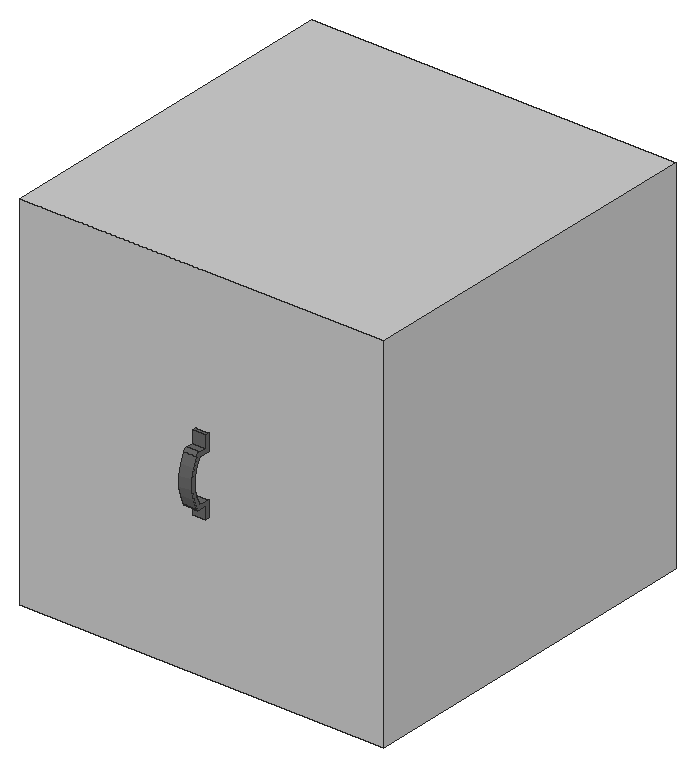
Revit family "VENTS-VS", category Mechanical Equipment, Revit 2019
Family settings
  Round Connector Dimension = Use Diameter
  Classification = None
  Part Type = Breaks Into
  OmniClass Number = 23.75.35.17.11
  OmniClass Title = Fans for Air Ductwork
  Work Plane-Based = No
  Always vertical = Yes
  Cut with Voids When Loaded = No
  Shared = No
  Room Calculation Point = No
Parameters (values of type "VS 400 4E (50Hz)")
  gsD = A / 2  # 345 mm
  eL = 75 mm  # constant formula
  eH = 75 mm  # constant formula
  conA = A / 2  # 345 mm
  Weight = 39.00 kg
  Voltage = 230 V
  URL = "https://ventilation-system.com/product/vs-4004e"
  Type Comments = "Inline centrifugal fan VS 400 4E"
  Transported Air Temperature (°C) = "-40...+80"
  Standard Service Side [instance] = yes
  RPM (min-1) = 1370
  Protection rating = "IPX4"
  Power Factor = 1
  Power = 480 W
  Plastic Material = Polypropylene Black
  Perpendicularly Air Flow [instance] = not(Directly Air Flow)  # no
  Number of Poles = 1
  Not Standard Service Side [instance] = not(Standard Service Side)  # no
  Noise Level at 3 m (dBa) = 51
  Model = "VS 400 4E"
  Maximum Air Flow Perpendicularly = 3750 m³/h
  Maximum Air Flow Directly = 3535 m³/h
  Manufacturer = "Vents"
  Maintenance Zone Standard [instance] = if(Maintenance Zone, if(Standard Service Side, 1 = 1, 1 = 0), 1 = 0)  # no
  Maintenance Zone NotStandard [instance] = if(Maintenance Zone, if(Standard Service Side, 1 = 0, 1 = 1), 1 = 0)  # no
  Maintenance Zone Material = Maintenance Zone
  Maintenance Zone Depth = 690 mm
  Maintenance Zone [instance] = no
  Load Classification = HVAC
  Flow direction symbol [instance] = yes
  Flow Factor [instance] = 1  # constant formula
  Family Version = "1.0"  # constant formula
  Directly Air Flow [instance] = yes
  Din = A / 2  # 345 mm
  Description = "Inline centrifugal fan in sound insulated casing"
  Current = 2.4 A
  Copyright = "©Vents"
  Connection H = 615 mm
  Connection W = 615 mm
  Casing Material = Fan Zinc
  AngElCon [instance] = if(Standard Service Side, 0.00°, 180.00°)  # 0.00°
  AngDuctCon [instance] = if(Directly Air Flow, 90.00°, 180.00°)  # 90.00°
  A = 690 mm
  Apparent Power = Power / Power Factor  # 480 VA
  Air Flow [instance] = 0 m³/h
Types (19, lengths in mm): name | gsD | conA | Weight | Voltage | URL | Type Comments | Transported Air Temperature (°C) | RPM (min-1) | Power | Number of Poles | Noise Level at 3 m (dBa) | Model | Maximum Air Flow Perpendicularly | Maximum Air Flow Directly | Maintenance Zone Depth | Din | Current | Connection H | Connection W | A | Apparent Power
  VS 355 4E (50Hz) | 260 | 260 | 25.00 kg | 230 V | "https://ventilation-system.com/product/vs-3554e" | "Inline centrifugal fan VS 355 4E" | "-25...+50" | 1420 | 245 W | 1 | 54 | "VS 355 4E" | 2890 m³/h | 2650 m³/h | 520 | 260 | 1.12 A | 445 | 445 | 520 | 245 VA
  VS 355 4D (Star 50Hz) | 260 | 260 | 25.00 kg | 400 V | "https://ventilation-system.com/product/vs-3554d" | "Inline centrifugal fan VS 355 4D" | "-25...+70" | 1400 | 230 W | 3 | 53 | "VS 355 4D" | 2660 m³/h | 2380 m³/h | 520 | 260 | 0.52 A | 445 | 445 | 520 | 230 VA
  VS 355 4D (Star 60Hz) | 260 | 260 | 25.00 kg | 400 V | "https://ventilation-system.com/product/vs-3554d" | "Inline centrifugal fan VS 355 4D" | "-25...+65" | 1600 | 235 W | 3 | 55 | "VS 355 4D" | 2815 m³/h | 2580 m³/h | 520 | 260 | 0.53 A | 445 | 445 | 520 | 235 VA
  VS 400 4E (50Hz) | 345 | 345 | 39.00 kg | 230 V | "https://ventilation-system.com/product/vs-4004e" | "Inline centrifugal fan VS 400 4E" | "-40...+80" | 1370 | 480 W | 1 | 51 | "VS 400 4E" | 3750 m³/h | 3535 m³/h | 690 | 345 | 2.4 A | 615 | 615 | 690 | 480 VA
  VS 400 4E (60Hz) | 345 | 345 | 39.00 kg | 230 V | "https://ventilation-system.com/product/vs-4004e" | "Inline centrifugal fan VS 400 4E" | "-40...+55" | 1460 | 700 W | 1 | 52 | "VS 400 4E" | 4310 m³/h | 4015 m³/h | 690 | 345 | 3.15 A | 615 | 615 | 690 | 700 VA
  VS 400 4D (Delta 50Hz) | 345 | 345 | 39.00 kg | 400 V | "https://ventilation-system.com/product/vs-4004d-delta" | "Inline centrifugal fan VS 400 4D (Delta)" | "-40...+60" | 1415 | 515 W | 3 | 51 | "VS 400 4D (Delta)" | 3950 m³/h | 3740 m³/h | 690 | 345 | 1.41 A | 615 | 615 | 690 | 515 VA
  VS 400 4D (Delta 60Hz) | 345 | 345 | 39.00 kg | 400 V | "https://ventilation-system.com/product/vs-4004d-delta" | "Inline centrifugal fan VS 400 4D (Delta)" | "-40...+60" | 1610 | 750 W | 3 | 53 | "VS 400 4D (Delta)" | 4310 m³/h | 4055 m³/h | 690 | 345 | 1.44 A | 615 | 615 | 690 | 750 VA
  VS 400 4D (Star 50Hz) | 345 | 345 | 39.00 kg | 400 V | "https://ventilation-system.com/product/vs-4004d-y" | "Inline centrifugal fan VS 400 4D (Star)" | "-40...+80" | 1235 | 385 W | 3 | 47 | "VS 400 4D (Star)" | 3340 m³/h | 3110 m³/h | 690 | 345 | 0.7 A | 615 | 615 | 690 | 385 VA
  VS 400 4D (Star 60Hz) | 345 | 345 | 39.00 kg | 400 V | "https://ventilation-system.com/product/vs-4004d-y" | "Inline centrifugal fan VS 400 4D (Star)" | "-40...+40" | 1220 | 515 W | 3 | 49 | "VS 400 4D (Star)" | 3525 m³/h | 3290 m³/h | 690 | 345 | 0.93 A | 615 | 615 | 690 | 515 VA
  VS 450 4E (50Hz) | 345 | 345 | 43.00 kg | 230 V | "https://ventilation-system.com/product/vs-4504e" | "Inline centrifugal fan VS 450 4E" | "-40...+70" | 1250 | 680 W | 1 | 53 | "VS 450 4E" | 5630 m³/h | 4930 m³/h | 690 | 345 | 3 A | 615 | 615 | 690 | 680 VA
  VS 450 4D (50Hz) | 345 | 345 | 43.00 kg | 400 V | "https://ventilation-system.com/product/vs-4504d" | "Inline centrifugal fan VS 450 4D" | "-40...+80" | 1350 | 740 W | 3 | 54 | "VS 450 4D" | 5700 m³/h | 5080 m³/h | 690 | 345 | 1.5 A | 615 | 615 | 690 | 740 VA
  VS 500 4E (50Hz) | 345 | 345 | 52.00 kg | 230 V | "https://ventilation-system.com/product/vs-5004e" | "Inline centrifugal fan VS 500 4E" | "-20...+50" | 1320 | 1300 W | 1 | 55 | "VS 500 4E" | 7330 m³/h | 6680 m³/h | 690 | 345 | 5.7 A | 615 | 615 | 690 | 1300 VA
  VS 500 4D (50Hz) | 345 | 345 | 56.00 kg | 400 V | "https://ventilation-system.com/product/vs-5004d" | "Inline centrifugal fan VS 500 4D" | "-40...+80" | 1375 | 1430 W | 3 | 58 | "VS 500 4D" | 7940 m³/h | 7200 m³/h | 690 | 345 | 3 A | 615 | 615 | 690 | 1430 VA
  VS 560 4D (50Hz) | 410 | 410 | 99.00 kg | 400 V | "https://ventilation-system.com/product/vs-5604d" | "Inline centrifugal fan VS 560 4D" | "-40...+60" | 1365 | 2380 W | 3 | 56 | "VS 560 4D" | 11340 m³/h | 10490 m³/h | 820 | 410 | 5 A | 745 | 745 | 820 | 2380 VA
  VS 560 6D (50Hz) | 410 | 410 | 86.00 kg | 400 V | "https://ventilation-system.com/product/vs-5606d" | "Inline centrifugal fan VS 560 6D" | "-40...+55" | 885 | 780 W | 3 | 49 | "VS 560 6D" | 7970 m³/h | 7330 m³/h | 820 | 410 | 1.7 A | 745 | 745 | 820 | 780 VA
  VS 630 4D (50Hz) | 410 | 410 | 102.00 kg | 400 V | "https://ventilation-system.com/product/vs-6304d" | "Inline centrifugal fan VS 630 4D" | "-40...+35" | 1170 | 3310 W | 3 | 67 | "VS 630 4D" | 15170 m³/h | 13740 m³/h | 820 | 410 | 6.2 A | 745 | 745 | 820 | 3310 VA
  VS 630 S 4D (50Hz) | 410 | 410 | 100.00 kg | 400 V | "https://ventilation-system.com/product/vs-630s4d" | "Inline centrifugal fan VS 630 S 4D" | "-40...+60" | 1300 | 4250 W | 3 | 69 | "VS 630 S 4D" | 16870 m³/h | 14930 m³/h | 820 | 410 | 7.55 A | 745 | 745 | 820 | 4250 VA
  VS 630 6D (50Hz) | 410 | 410 | 98.00 kg | 400 V | "https://ventilation-system.com/product/vs-6306d" | "Inline centrifugal fan VS 630 6D" | "-40...+60" | 880 | 1310 W | 3 | 55 | "VS 630 6D" | 12030 m³/h | 10440 m³/h | 820 | 410 | 2.8 A | 745 | 745 | 820 | 1310 VA
  VS 710 6D (50Hz) | 510 | 510 | 136.00 kg | 400 V | "https://ventilation-system.com/product/vs-7106d" | "Inline centrifugal fan VS 710 6D" | "-20...+40" | 890 | 2000 W | 3 | 59 | "VS 710 6D" | 15830 m³/h | 14880 m³/h | 1020 | 510 | 3.9 A | 945 | 945 | 1020 | 2000 VA
Reference planes
  plane 1 "Center (Front/Back)": y = 0
  plane 2: z = 0
  plane 3 "Center (Left/Right)": x = 90
  plane 4 "Right": x = 435
  plane 5 "Back": y = 345
  plane 6 "Front": y = -345
  plane 7 "Top": z = 345
  plane 8 "Bottom": z = -345
  plane 9 "Left": x = -255
  plane 10 "ElConL": x = 360
  plane 11 "ElConH": z = -270
Forms (mm)
  Extrusion 1, solid, material "Fan Zinc" <- "Casing Material", detail levels medium+fine
    sketch origin (-699.46, -1524, -345) x (-1, 0, 0) y (0, -1, 0)
      loop
        line (-444.46, -1869) -> (-444.46, -1179) -> (-1134.46, -1179) -> (-1134.46, -1869) -> (-444.46, -1869)
    from 0 to 690
Lines and regions (mm)
  reference lines
    curve 1: line (90, 0, 0) -> (435, 0, 0)
    curve 14: line (360, 0, -270) -> (360, 345, -270)
  model lines, detail levels coarse
    curve 2: line (-255, 345, -345) -> (435, 345, -345)
    curve 3: line (-255, -345, -345) -> (-255, 345, -345)
    curve 4: line (435, -345, -345) -> (-255, -345, -345)
    curve 5: line (435, 345, -345) -> (435, -345, -345)
    curve 6: line (-255, 345, 345) -> (435, 345, 345)
    curve 7: line (-255, -345, 345) -> (-255, 345, 345)
    curve 8: line (435, -345, 345) -> (-255, -345, 345)
    curve 9: line (435, 345, 345) -> (435, -345, 345)
    curve 10: line (-255, 345, 345) -> (-255, 345, -345)
    curve 11: line (435, 345, 345) -> (435, 345, -345)
    curve 12: line (-255, -345, 345) -> (-255, -345, -345)
    curve 13: line (435, -345, 345) -> (435, -345, -345)
Dimensions and locks
  equal spacing: plane 5 "Back", plane 1 "Center (Front/Back)", plane 6 "Front"
  "A": plane 5 "Back" to plane 6 "Front"
  equal spacing: plane 7 "Top", level, plane 8 "Bottom"
  "A": plane 7 "Top" to plane 8 "Bottom"
  equal spacing: plane 9 "Left", plane 3 "Center (Left/Right)", plane 4 "Right"
  "A": plane 9 "Left" to plane 4 "Right"
  "conA": curve 1 to curve 1
  "eH": plane 11 "ElConH" to plane 8 "Bottom"
  "conA": curve 14 to curve 14
  "eL": plane 10 "ElConL" to plane 4 "Right"
  "AngDuctCon": angle plane 3 "Center (Left/Right)" to curve 1
  "AngElCon": angle curve 14 to plane 10 "ElConL"
  aligned and locked: level to plane 2
  aligned and locked: Extrusion 1 sketch curve to plane 5 "Back"
  aligned and locked: plane 9 "Left" to Extrusion 1 sketch curve
  aligned and locked: plane 6 "Front" to Extrusion 1 sketch curve
  aligned and locked: Extrusion 1 sketch curve to plane 4 "Right"
  aligned and locked: plane 7 "Top" to Extrusion 1
  aligned and locked: Extrusion 1 to plane 8 "Bottom"
  aligned and locked: plane 3 "Center (Left/Right)" to curve 1
  aligned and locked: level to curve 1
  aligned and locked: nested 1 to plane 2
  aligned and locked: plane 3 "Center (Left/Right)" to nested 1
  aligned and locked: nested 2 to plane 2
  aligned and locked: plane 3 "Center (Left/Right)" to nested 2
  aligned and locked: plane 3 "Center (Left/Right)" to nested 3
  aligned and locked: plane 2 to nested 3
  aligned and locked: plane 2 to nested 4
  aligned and locked: plane 3 "Center (Left/Right)" to nested 4
  aligned and locked: plane 3 "Center (Left/Right)" to nested 5
  aligned and locked: plane 1 "Center (Front/Back)" to nested 5
  aligned and locked: plane 1 "Center (Front/Back)" to nested 6
  aligned and locked: plane 3 "Center (Left/Right)" to nested 6
  aligned and locked: curve 2 to Extrusion 1
  aligned and locked: curve 3 to nested 4
  aligned and locked: curve 4 to Extrusion 1
  aligned and locked: curve 5 to Extrusion 1
  aligned and locked: curve 6 to curve 2
  aligned and locked: curve 7 to curve 3
  aligned and locked: curve 8 to curve 4
  aligned and locked: curve 9 to curve 5
  aligned and locked: curve 10 to plane 9 "Left"
  aligned and locked: plane 4 "Right" to curve 11
  aligned and locked: curve 12 to plane 9 "Left"
  aligned and locked: curve 13 to plane 4 "Right"
  aligned and locked: nested 7 to plane 2
  aligned and locked: plane 3 "Center (Left/Right)" to nested 7
  aligned and locked: plane 10 "ElConL" to curve 14
  aligned and locked: plane 1 "Center (Front/Back)" to curve 14
  aligned and locked: curve 1 to nested 8
  aligned and locked: nested 9 to plane 1 "Center (Front/Back)"
  aligned and locked: level to nested 9
Automatic sketch dimensions
  curve 10 to plane 8 "Bottom" = 0 mm
  curve 11 to plane 8 "Bottom" = 0 mm
  curve 11 to plane 7 "Top" = 0 mm
  curve 10 to plane 7 "Top" = 0 mm
  curve 12 to plane 8 "Bottom" = 0 mm
  curve 13 to plane 8 "Bottom" = 0 mm
  curve 13 to plane 7 "Top" = 0 mm
  curve 12 to plane 7 "Top" = 0 mm
Nested families
  nested 1: "Handle" at (90, -345, 0) x (0, 0, -1) z (0, -1, 0), visible <- "Standard Service Side", type "Handle", detail levels fine
  nested 2: "Handle" at (90, 345, 0) x (0, 0, -1) z (0, 1, 0), visible <- "Not Standard Service Side", type "Handle", detail levels fine
  nested 3: "MaintenanceZone_Rect" at (90, -345, 0) x (1, 0, 0) z (0, 1, 0), visible <- "Maintenance Zone Standard", type "MaintenanceZone_Rect", detail levels medium+fine
    with Maintenance Zone Width 690 mm, Maintenance Zone Length 690 mm, Maintenance Zone Height 690 mm
  nested 4: "MaintenanceZone_Rect" at (90, 345, 0) x (1, 0, 0) z (0, -1, 0), visible <- "Maintenance Zone NotStandard", type "MaintenanceZone_Rect", detail levels medium+fine
    with Maintenance Zone Width 690 mm, Maintenance Zone Length 690 mm, Maintenance Zone Height 690 mm
  nested 5: "GraphicalSymbol_Fan_2" at (90, 0, 345), type "GraphicalSymbol_Fan_2", detail levels coarse
    with Diameter 345 mm, B 165.6 mm, A 120.75 mm
  nested 6: "GraphicalSymbol_Fun_FlowDirection" at (90, 0, 345), visible <- "Flow direction symbol", type "GraphicalSymbol_Fun_FlowDirection", detail levels medium+fine
  nested 7: "GraphicalSymbol_Fun_FlowDirection" at (90, -345, 0) x (1, 0, 0) z (0, -1, 0), visible <- "Flow direction symbol", type "GraphicalSymbol_Fun_FlowDirection", detail levels medium+fine
  nested 8: "RectConnection" at (435, 0, 0) x (0, -1, 0) z (1, 0, 0), type "RectConnection", detail levels medium+fine
    with B 615 mm, A 615 mm
  nested 9: "RectConnection" at (-255, 0, 0) x (0, 1, 0) z (-1, 0, 0), type "RectConnection", detail levels medium+fine
    with B 615 mm, A 615 mm
Connectors
  hvac at (435, 0, 0), driven by "Connection H", driven by "Connection W", driven by "Air Flow"
    settings: on curve 1, index 1, duct flow 0 m³/h, flow factor 0, pres drop 0.0 Pa, loss coef 0, conn angle 0.00°, conn width 615 mm, conn height 615 mm, conn diameter 609.6 mm, duct sys type 29, conn prof type 1, flow config 0, flow direction 2, loss method 0, conn ref index 2, conn util no, is conn primary no, conn desc ""
  hvac at (-255, 0, 0), driven by "Connection H", driven by "Connection W", driven by "Air Flow"
    settings: on Extrusion 1, index 2, duct flow 0 m³/h, flow factor 0, pres drop 0.0 Pa, loss coef 0, conn angle 0.00°, conn width 615 mm, conn height 615 mm, conn diameter 609.6 mm, duct sys type 29, conn prof type 1, flow config 0, flow direction 1, loss method 0, conn ref index 1, conn util no, is conn primary yes, conn desc ""
  electrical at (360, 345, -270), driven by "Number of Poles", driven by "Load Classification", driven by "Voltage", driven by "Apparent Power", driven by "Flow Factor"
    settings: on curve 14, index 3, voltage 230 V, apparent load 480 VA, apparent load phase1 0 VA, apparent load phase2 0 VA, apparent load phase3 0 VA, power factor 1, load classification "HVAC", number of poles 1, system type 30, power factor state 1, is connector primary yes, connector utility no, sub classification motor no, connector description ""
Definition of nested family "Handle"
  Parameters (values of type "Handle")
    W = 24 mm
    Material = none
    L1 = 98 mm
    L = 145 mm
    H = 40 mm
    Default Elevation = 1219.2 mm
  Reference planes
    plane 1 "Center (Front/Back)": y = 0
    plane 2: z = 0
    plane 3 "Center (Left/Right)": x = 0
    plane 4: x = -72.5
    plane 5: x = 72.5
    plane 6: y = 12
    plane 7 "bottom": y = -12
    plane 8: x = -49
    plane 9: x = 49
    plane 10: z = 40
    plane 11: z = 26
  Forms (mm)
    Extrusion 1, solid, material <- "Material"
      sketch origin (0, 0, 0) x (1, 0, 0) y (0, 0, 1)
        loop
          line (-72.5, 0) -> (-41, 0) -> (-41, 16.533)
          arc (-41, 16.533) -> (-39.762, 20.813) -> (-36.43, 23.771) r 8.016
          arc (-36.43, 23.771) -> (0.006, 32) -> (36.44, 23.766) r 84.75
          arc (36.44, 23.766) -> (39.765, 20.814) -> (41, 16.543) r 8
          line (41, 16.543) -> (41, 0) -> (72.5, 0) -> (72.5, 7.018) -> (49, 7.018) -> (49, 21.445)
          arc (49, 21.445) -> (47.896, 25.489) -> (44.892, 28.412) r 7.962
          arc (44.892, 28.412) -> (0.015, 40) -> (-44.865, 28.427) r 92.75
          arc (-44.865, 28.427) -> (-47.889, 25.486) -> (-49, 21.417) r 8.01
          line (-49, 21.417) -> (-49, 7.018) -> (-72.5, 7.018) -> (-72.5, 0)
      from -12 to 12
  Dimensions and locks
    equal spacing: plane 5, plane 3 "Center (Left/Right)", plane 4
    "L": plane 5 to plane 4
    equal spacing: plane 9, plane 3 "Center (Left/Right)", plane 8
    "L1": plane 9 to plane 8
    "H": plane 10 to level
    plane 11 to level = 26 mm
    "W": plane 6 to plane 7 "bottom"
    equal spacing: plane 6, plane 1 "Center (Front/Back)", plane 7 "bottom"
    aligned and locked: level to plane 2
    aligned and locked: plane 6 to Extrusion 1
    aligned and locked: Extrusion 1 to plane 7 "bottom"
  Automatic sketch dimensions
    Extrusion 1 sketch curve to Extrusion 1 sketch curve = 0 mm  (x4)
    Extrusion 1 sketch curve to level = 0 mm  (x2)
    Extrusion 1 sketch curve to plane 4 = 0 mm
    Extrusion 1 sketch curve to plane 8 = 0 mm
    Extrusion 1 sketch curve to plane 3 "Center (Left/Right)" = 0 mm
    Extrusion 1 sketch curve to plane 9 = 0 mm
    Extrusion 1 sketch curve to plane 5 = 0 mm
    plane 8 to Extrusion 1 sketch curve = 8 mm
    Extrusion 1 sketch curve to Extrusion 1 sketch curve = 0.01 mm
    Extrusion 1 sketch curve to Extrusion 1 sketch curve = 8.016 mm
    Extrusion 1 sketch curve to plane 9 = 16 mm
    Extrusion 1 sketch curve to plane 9 = 8 mm
    Extrusion 1 sketch curve to Extrusion 1 sketch curve = 0.038 mm
    Extrusion 1 sketch curve to level = 52.75 mm
    level to Extrusion 1 sketch curve = 7.018 mm  (x2)
    Extrusion 1 sketch curve to plane 11 = 9.467 mm
    Extrusion 1 sketch curve to plane 11 = 9.457 mm
    Extrusion 1 sketch curve to plane 11 = 4.583 mm
    Extrusion 1 sketch curve to plane 11 = 4.555 mm
Definition of nested family "MaintenanceZone_Rect"
  Parameters (values of type "MaintenanceZone_Rect")
    Maintenance Zone Width = 500 mm
    Material = none
    Maintenance Zone Length = 1000 mm
    Maintenance Zone Height = 300 mm
    Family Version = ""
    Default Elevation = 1219.2 mm
    Copyright = ""
  Reference planes
    plane 1 "Center (Front/Back)": y = 0
    plane 2: z = 0
    plane 3 "Center (Left/Right)": x = 0
    plane 4: x = -500
    plane 5: x = 500
    plane 6: y = 250
    plane 7: y = -250
    plane 8: z = -300
  Forms (mm)
    Extrusion 1, solid, material <- "Material", detail levels medium+fine
      sketch origin (0, 0, 0) x (1, 0, 0) y (0, 1, 0)
        loop
          line (-500, 250) -> (-500, -250) -> (500, -250) -> (500, 250) -> (-500, 250)
      from 0 to -300
  Lines and regions (mm)
    symbolic lines, detail levels medium+fine
      curve 1: line (-500, 0, 0) -> (500, 0, 0)
      curve 2: line (-500, 0, -300) -> (-500, 0, 0)
      curve 3: line (500, 0, -300) -> (-500, 0, -300)
      curve 4: line (500, 0, 0) -> (500, 0, -300)
      curve 5: line (0, 250, 0) -> (0, -250, 0)
      curve 6: line (0, 250, -300) -> (0, 250, 0)
      curve 7: line (0, -250, -300) -> (0, 250, -300)
      curve 8: line (0, -250, 0) -> (0, -250, -300)
      curve 9: line (-500, 250, 0) -> (500, 250, 0)
      curve 10: line (-500, -250, 0) -> (-500, 250, 0)
      curve 11: line (500, -250, 0) -> (-500, -250, 0)
      curve 12: line (500, 250, 0) -> (500, -250, 0)
  Dimensions and locks
    equal spacing: plane 6, plane 1 "Center (Front/Back)", plane 7
    equal spacing: plane 4, plane 3 "Center (Left/Right)", plane 5
    "Maintenance Zone Width": plane 6 to plane 7
    "Maintenance Zone Length": plane 4 to plane 5
    "Maintenance Zone Height": plane 2 to plane 8
    aligned and locked: level to plane 2
    aligned and locked: Extrusion 1 sketch curve to plane 6
    aligned and locked: plane 4 to Extrusion 1 sketch curve
    aligned and locked: plane 7 to Extrusion 1 sketch curve
    aligned and locked: Extrusion 1 sketch curve to plane 5
    aligned and locked: Extrusion 1 to plane 8
    aligned and locked: curve 1 to Extrusion 1
    aligned and locked: curve 2 to Extrusion 1
    aligned and locked: curve 3 to Extrusion 1
    aligned and locked: curve 4 to Extrusion 1
    aligned and locked: curve 5 to Extrusion 1
    aligned and locked: curve 6 to Extrusion 1
    aligned and locked: curve 7 to Extrusion 1
    aligned and locked: curve 8 to Extrusion 1
    aligned and locked: curve 9 to Extrusion 1
    aligned and locked: curve 10 to Extrusion 1
    aligned and locked: curve 11 to Extrusion 1
    aligned and locked: curve 12 to Extrusion 1
Definition of nested family "GraphicalSymbol_Fan_2"
  Parameters (values of type "GraphicalSymbol_Fan_2")
    Diameter = 100 mm
    Default Elevation = 1219.2 mm
    B = Diameter * 0.48  # 48 mm
    A = Diameter * 0.35  # 35 mm
  Reference planes
    plane 1 "Center (Front/Back)": y = 0
    plane 2: z = 0
    plane 3 "Center (Left/Right)": x = 0
    plane 4: x = -35
    plane 5: x = 48
  Lines and regions (mm)
    model lines
      curve 1: circle (0, 0, 0) r 50 normal (0, 0, 1)
      curve 4: line (-35, 35.707, 0) -> (48, 14, 0)
      curve 5: line (-35, -35.707, 0) -> (48, -14, 0)
    reference lines
      curve 2: line (50, 141.389, 0) -> (50, -158.611, 0)
      curve 3: line (-50, 141.389, 0) -> (-50, -158.611, 0)
  Dimensions and locks
    equal spacing: curve 3, plane 3 "Center (Left/Right)", curve 2
    "Diameter": curve 3 to curve 2
    "A": plane 4 to plane 3 "Center (Left/Right)"
    "B": plane 3 "Center (Left/Right)" to plane 5
    "Diameter": diameter of curve 1
    aligned and locked: level to plane 2
  Automatic sketch dimensions
    curve 4 to plane 4 = 0 mm
    curve 5 to plane 4 = 0 mm
    plane 1 "Center (Front/Back)" to curve 1 = 0 mm
    curve 1 to plane 3 "Center (Left/Right)" = 0 mm
    curve 5 to plane 5 = 0 mm
    curve 4 to plane 5 = 0 mm
    plane 1 "Center (Front/Back)" to curve 2 = 158.611 mm
    curve 3 to curve 2 = 0 mm  (x2)
    curve 3 to plane 1 "Center (Front/Back)" = 141.389 mm
Definition of nested family "GraphicalSymbol_Fun_FlowDirection"
  Parameters (values of type "GraphicalSymbol_Fun_FlowDirection")
    Length = 100 mm
    Height = Length  # 100 mm
    B = Length / 2  # 50 mm
    A = Length / 3  # 33.333 mm
  Reference planes
    plane 1 "Center (Front/Back)": y = 0
    plane 2: z = 0
    plane 3 "Center (Left/Right)": x = 0
    plane 4: x = -33.333
    plane 5: x = 50
    plane 6: y = 50
    plane 7: y = -50
  Lines and regions (mm)
    detail lines, in view "Ref. Level"
      curve 1: line (-33.333, 50, 0) -> (-33.333, -50, 0)
      curve 2: line (50, 0, 0) -> (-33.333, -50, 0)
      curve 3: line (50, 0, 0) -> (-33.333, 50, 0)
  Dimensions and locks
    "A": plane 4 to plane 3 "Center (Left/Right)"
    "B": plane 3 "Center (Left/Right)" to plane 5
    equal spacing: plane 6, plane 1 "Center (Front/Back)", plane 7
    "Height": plane 6 to plane 7
    aligned and locked: curve 1 to plane 4
  Automatic sketch dimensions
    plane 1 "Center (Front/Back)" to curve 3 = 0 mm
    curve 3 to plane 5 = 0 mm
    curve 2 to plane 7 = 0 mm
    curve 3 to plane 6 = 0 mm
Definition of nested family "RectConnection"
  Parameters (values of type "RectConnection")
    Default Elevation = 1219.2 mm
    B = 500 mm
    A = 500 mm
  Reference planes
    plane 1 "Center (Front/Back)": y = 0
    plane 2: z = 0
    plane 3 "Center (Left/Right)": x = 0
    plane 4: x = -250
    plane 5: x = 250
    plane 6: y = 250
    plane 7: y = -250
  Lines and regions (mm)
    model lines
      curve 1: line (-250, 250, 0) -> (250, 250, 0)
      curve 2: line (-250, -250, 0) -> (-250, 250, 0)
      curve 3: line (250, -250, 0) -> (-250, -250, 0)
      curve 4: line (250, 250, 0) -> (250, -250, 0)
  Dimensions and locks
    equal spacing: plane 6, plane 1 "Center (Front/Back)", plane 7
    "B": plane 6 to plane 7
    equal spacing: plane 4, plane 3 "Center (Left/Right)", plane 5
    "A": plane 4 to plane 5
    aligned and locked: level to plane 2
    aligned and locked: curve 1 to plane 6
    aligned and locked: plane 4 to curve 2
    aligned and locked: plane 7 to curve 3
    aligned and locked: curve 4 to plane 5
